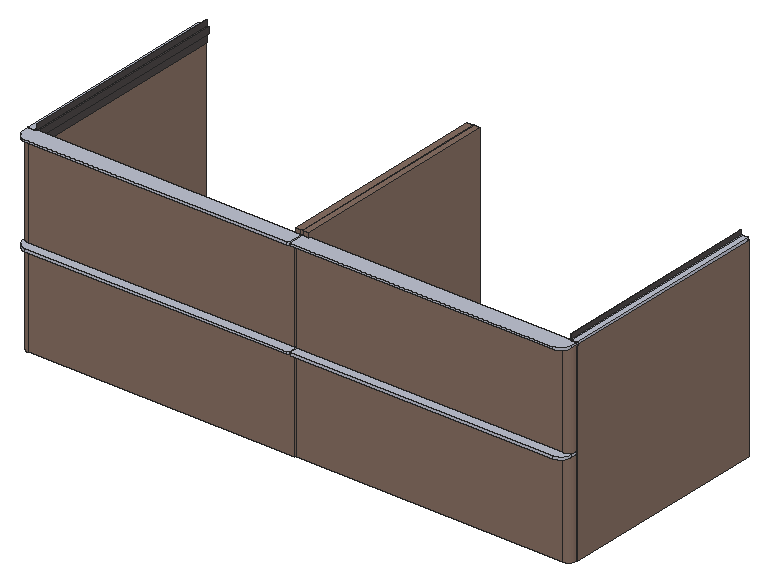
Revit family "vanity unit with 4 drawers for consoles with bowl", category Furniture, Revit 2019 (continued)
Definition of nested family "vanity unit 1560_550 with 4 drawers for consoles with bowl-54090000-high gloss white-chrome-400_content"
  Forms (mm)
    Extrusion 11, solid, visible <- "ContentVisible", detail levels medium+fine
      sketch origin (0, 0, 237) x (1, 0, 0) y (0, 1, 0)
        loop
          arc (1.5, -568) -> (2.379, -570.121) -> (4.5, -571) r 3
          line (4.5, -571) -> (753.5, -571)
          arc (753.5, -571) -> (771.178, -563.678) -> (778.5, -546) r 25
          line (778.5, -546) -> (778.5, -530) -> (758.5, -530) -> (758.5, -528.5) -> (1.5, -528.5) -> (1.5, -568)
      from 0 to 5
    Extrusion 12, solid, visible <- "ContentVisible", detail levels medium+fine
      sketch origin (0, 0, 245) x (1, 0, 0) y (0, 1, 0)
        loop
          arc (-780, -532) -> (-774.435, -545.435) -> (-761, -551) r 19
          line (-761, -551) -> (-2.5, -551)
          arc (-2.5, -551) -> (-1.793, -550.707) -> (-1.5, -550) r 1
          line (-1.5, -550) -> (-1.5, -530) -> (-780, -530) -> (-780, -532)
      from 0 to 235
    Extrusion 13, solid, visible <- "ContentVisible", detail levels medium+fine
      sketch origin (0, 0, 245) x (1, 0, 0) y (0, 1, 0)
        loop
          arc (1.5, -550) -> (1.793, -550.707) -> (2.5, -551) r 1
          line (2.5, -551) -> (761, -551)
          arc (761, -551) -> (774.435, -545.435) -> (780, -532) r 19
          line (780, -532) -> (780, -530) -> (1.5, -530) -> (1.5, -550)
      from 0 to 235
    Extrusion 14, solid, visible <- "ContentVisible", detail levels medium+fine
      sketch origin (0, 0, 480) x (1, 0, 0) y (0, 1, 0)
        loop
          line (-778.5, -530) -> (-778.5, -546)
          arc (-778.5, -546) -> (-771.178, -563.678) -> (-753.5, -571) r 25
          line (-753.5, -571) -> (-4.5, -571)
          arc (-4.5, -571) -> (-2.379, -570.121) -> (-1.5, -568) r 3
          line (-1.5, -568) -> (-1.5, -528.5) -> (-758.5, -528.5) -> (-758.5, -530) -> (-778.5, -530)
      from 0 to 5
    Extrusion 15, solid, visible <- "ContentVisible", detail levels medium+fine
      sketch origin (0, 0, 480) x (1, 0, 0) y (0, 1, 0)
        loop
          arc (1.5, -568) -> (2.379, -570.121) -> (4.5, -571) r 3
          line (4.5, -571) -> (753.5, -571)
          arc (753.5, -571) -> (771.178, -563.678) -> (778.5, -546) r 25
          line (778.5, -546) -> (778.5, -530) -> (758.5, -530) -> (758.5, -528.5) -> (1.5, -528.5) -> (1.5, -568)
      from 0 to 5
    Extrusion 16, solid, visible <- "ContentVisible", detail levels medium+fine
      sketch origin (-1.5, 0, 0) x (0, 0, -1) y (0, 1, 0)
        loop
          line (-480, -528.5) -> (-480, -530) -> (-450, -530) -> (-450, -528.5) -> (-480, -528.5)
      from -764 to 0
    Extrusion 17, solid, visible <- "ContentVisible", detail levels medium+fine
      sketch origin (1.5, 0, 0) x (0, 0, -1) y (0, 1, 0)
        loop
          line (-480, -528.5) -> (-480, -530) -> (-450, -530) -> (-450, -528.5) -> (-480, -528.5)
      from 0 to 764
    Extrusion 18, solid, visible <- "ContentVisible", detail levels medium+fine
      sketch origin (1.5, 0, 0) x (0, 0, -1) y (0, 1, 0)
        loop
          line (-242, -528.5) -> (-242, -530) -> (-212, -530) -> (-212, -528.5) -> (-242, -528.5)
      from -764 to 764
    Extrusion 19, solid, visible <- "ContentVisible", detail levels medium+fine
      sketch origin (0, 0, 0) x (1, 0, 0) y (0, 0, -1)
        loop
          line (-764, -447) -> (-764, -485) -> (-762.5, -485) -> (-762.5, -447) -> (-764, -447)
      from -528.5 to 0
    Extrusion 20, solid, visible <- "ContentVisible", detail levels medium+fine
      sketch origin (0, 0, 0) x (1, 0, 0) y (0, 0, -1)
        loop
          line (762.5, -446.8) -> (762.5, -485) -> (764, -485) -> (764, -446.8) -> (762.5, -446.8)
      from -528.5 to 0
    Extrusion 21, solid, visible <- "ContentVisible", detail levels medium+fine
      sketch origin (0, 0, 480) x (1, 0, 0) y (0, 1, 0)
        loop
          line (-780, -3) -> (-780, -527)
          arc (-780, -527) -> (-779.121, -529.121) -> (-777, -530) r 3
          line (-777, -530) -> (-764, -530) -> (-764, 0) -> (-777, 0)
          arc (-777, 0) -> (-779.121, -0.879) -> (-780, -3) r 3
      from 0 to 5
    Extrusion 22, solid, visible <- "ContentVisible", detail levels medium+fine
      sketch origin (0, 0, 480) x (1, 0, 0) y (0, 1, 0)
        loop
          line (764, 0) -> (764, -530) -> (777, -530)
          arc (777, -530) -> (779.121, -529.121) -> (780, -527) r 3
          line (780, -527) -> (780, -3)
          arc (780, -3) -> (779.121, -0.879) -> (777, 0) r 3
          line (777, 0) -> (764, 0)
      from 0 to 5
    Extrusion 23, solid, visible <- "ContentVisible", detail levels medium+fine
      sketch origin (0, 0, 0) x (1, 0, 0) y (0, 0, -1)
        loop
          line (-762.5, -447) -> (-762.5, -496) -> (-761, -496) -> (-761, -483) -> (-756.4, -483) -> (-756.4, -468.5) -> (-761, -468.5) -> (-761, -447) -> (-762.5, -447)
      from -525 to 0
    Extrusion 24, solid, visible <- "ContentVisible", detail levels medium+fine
      sketch origin (0, 0, 0) x (1, 0, 0) y (0, 0, -1)
        loop
          line (756.4, -468.5) -> (756.4, -483) -> (761, -483) -> (761, -496) -> (762.5, -496) -> (762.5, -447) -> (761, -447) -> (761, -468.5) -> (756.4, -468.5)
      from -525 to 0
    Extrusion 25, solid, visible <- "ContentVisible", detail levels coarse
      sketch origin (0, -285.5, 0) x (1, 0, 0) y (0, 1, 0)
        loop
          line (-780, -285.5) -> (780, -285.5) -> (780, 285.5) -> (-780, 285.5) -> (-780, -285.5)
      from 0 to 496
  Dimensions and locks
    aligned and locked: level to plane 2
Definition of nested family "vanity unit 1560_550 with 4 drawers for consoles with bowl-54090670-high gloss white-matt_black-200_content"
  Parameters (values of type "Vanity unit 1560_550 with 4 drawers for consoles with bowl-54090670-High Gloss White-MATT_BLACK-200_Content")
    etim7_EC011381 = "EC011381"
    WEIGHT = "61"
    UNSPSC = "56 | Furniture and Furnishings"
    UNIFORMATII = "E2010 | Fixed Furnishings"
    UNICLASS_2015_CODE = "40_30_78_05"
    UNICLASS2015 = "Pr_40_30_78_05 | Bathroom furniture"
    SURFACE = "MATT_BLACK"
    REGIONSET = "Worldwide"
    PRODUCTURL = "https://pro.hansgrohe.com/articledetail--54090000"
    PRODUCTGROUP = "vanity unit"
    PRODUCTFAMILY = "Xelu Q"
    PERMALINK = "54090XXX"
    OMNICLASS = "23-21 19 15 33 13 | Residential Bathroom Specialty Casework"
    OBJECTTYPE = "Object (single object)"
    OBERFLAECHE = "High Gloss White"
    NN = "Vanity Unit with 4 Drawers for consoles with bowl"
    NBSYN = "$BASENUMBER.-$ARTNR.-$OBERFLAECHE.-$SURFACE.-$LODLEVEL."
    NB = "Vanity unit 1560/550 with 4 drawers for consoles with bowl-54090670-High Gloss White-MATT_BLACK-200"
    NAME = "Xelu Q Vanity unit High Gloss White 1560/550 with 4 drawers for consoles with bowl"
    Model = "Vanity unit 1560/550 with 4 drawers for consoles with bowl-54090670-High Gloss White-MATT_BLACK-200"
    Manufacturer = "Hansgrohe"
    MASTERFORMAT = "12 35 30.23 | Bathroom Casework"
    LODLEVEL = "200"
    LINA = "Vanity unit 1560/550 with 4 drawers for consoles with bowl-54090670-High Gloss White-MATT_BLACK-200"
    L = 1560
    IFC = "Furnishing element"
    GTINCODE = "4059625456859"
    ETIM = "EC011381 | Bathroom furniture set"
    Default Elevation = 1219.2 mm
    DESIGN = "Germany"
    ContentVisible [instance] = yes
    CATALOG = "Hansgrohe"
    BIMOBJECT = "Sanitary: Compound units"
    BASENUMBER = "Vanity unit 1560/550 with 4 drawers for consoles with bowl"
    ARTNR = "54090670"
  Reference planes
    plane 1 "Center (Front/Back)": y = 0
    plane 2: z = 0
    plane 3 "Center (Left/Right)": x = 0
  Forms (mm)
    Extrusion 1, solid, visible <- "ContentVisible", detail levels medium+fine
      sketch origin (0, 0, 0) x (1, 0, 0) y (0, 1, 0)
        loop
          line (-780, 0) -> (-780, -551) -> (780, -551) -> (780, 0) -> (764, 0) -> (764, -117) -> (-764, -117) -> (-764, 0) -> (-780, 0)
      from 0 to 480
    Extrusion 2, solid, visible <- "ContentVisible", detail levels medium+fine
      sketch origin (0, 0, 480) x (1, 0, 0) y (0, 1, 0)
        loop
          line (-778.5, -528.5) -> (-778.5, -571) -> (778.5, -571) -> (778.5, -528.5) -> (-778.5, -528.5)
      from 0 to 5
    Extrusion 3, solid, visible <- "ContentVisible", detail levels medium+fine
      sketch origin (0, 0, 237) x (1, 0, 0) y (0, 1, 0)
        loop
          line (-778.5, -528.5) -> (-778.5, -571) -> (778.5, -571) -> (778.5, -528.5) -> (-778.5, -528.5)
      from 0 to 5
    Extrusion 4, solid, visible <- "ContentVisible", detail levels medium+fine
      sketch origin (0, 0, 0) x (1, 0, 0) y (0, 0, -1)
        loop
          line (-764, -447) -> (-764, -485) -> (-762.5, -485) -> (-762.5, -447) -> (-764, -447)
      from -528.5 to 0
    Extrusion 5, solid, visible <- "ContentVisible", detail levels medium+fine
      sketch origin (0, 0, 0) x (1, 0, 0) y (0, 0, -1)
        loop
          line (762.5, -446.8) -> (762.5, -485) -> (764, -485) -> (764, -446.8) -> (762.5, -446.8)
      from -528.5 to 0
    Extrusion 6, solid, visible <- "ContentVisible", detail levels medium+fine
      sketch origin (0, 0, 480) x (1, 0, 0) y (0, 1, 0)
        loop
          line (-780, 0) -> (-780, -530) -> (-764, -530) -> (-764, 0) -> (-780, 0)
      from 0 to 5
    Extrusion 7, solid, visible <- "ContentVisible", detail levels medium+fine
      sketch origin (0, 0, 480) x (1, 0, 0) y (0, 1, 0)
        loop
          line (764, 0) -> (764, -530) -> (780, -530) -> (780, 0) -> (764, 0)
      from 0 to 5
    Extrusion 8, solid, visible <- "ContentVisible", detail levels medium+fine
      sketch origin (0, 0, 0) x (1, 0, 0) y (0, 0, -1)
        loop
          line (-762.5, -447) -> (-762.5, -496) -> (-756.4, -496) -> (-756.4, -447) -> (-762.5, -447)
      from -528.5 to 0
    Extrusion 9, solid, visible <- "ContentVisible", detail levels medium+fine
      sketch origin (0, 0, 0) x (1, 0, 0) y (0, 0, -1)
        loop
          line (756.4, -447) -> (756.4, -496) -> (762.5, -496) -> (762.5, -447) -> (756.4, -447)
      from -528.5 to 0
    Extrusion 10, solid, visible <- "ContentVisible", detail levels coarse
      sketch origin (0, -285.5, 0) x (1, 0, 0) y (0, 1, 0)
        loop
          line (-780, -285.5) -> (780, -285.5) -> (780, 285.5) -> (-780, 285.5) -> (-780, -285.5)
      from 0 to 496
  Dimensions and locks
    aligned and locked: level to plane 2
Definition of nested family "vanity unit 1560_550 with 4 drawers for consoles with bowl-54090670-high gloss white-matt_black-400_content"
  Parameters (values of type "Vanity unit 1560_550 with 4 drawers for consoles with bowl-54090670-High Gloss White-MATT_BLACK-400_Content")
    etim7_EC011381 = "EC011381"
    WEIGHT = "61"
    UNSPSC = "56 | Furniture and Furnishings"
    UNIFORMATII = "E2010 | Fixed Furnishings"
    UNICLASS_2015_CODE = "40_30_78_05"
    UNICLASS2015 = "Pr_40_30_78_05 | Bathroom furniture"
    SURFACE = "MATT_BLACK"
    REGIONSET = "Worldwide"
    PRODUCTURL = "https://pro.hansgrohe.com/articledetail--54090000"
    PRODUCTGROUP = "vanity unit"
    PRODUCTFAMILY = "Xelu Q"
    PERMALINK = "54090XXX"
    OMNICLASS = "23-21 19 15 33 13 | Residential Bathroom Specialty Casework"
    OBJECTTYPE = "Object (single object)"
    OBERFLAECHE = "High Gloss White"
    NN = "Vanity Unit with 4 Drawers for consoles with bowl"
    NBSYN = "$BASENUMBER.-$ARTNR.-$OBERFLAECHE.-$SURFACE.-$LODLEVEL."
    NB = "Vanity unit 1560/550 with 4 drawers for consoles with bowl-54090670-High Gloss White-MATT_BLACK-400"
    NAME = "Xelu Q Vanity unit High Gloss White 1560/550 with 4 drawers for consoles with bowl"
    Model = "Vanity unit 1560/550 with 4 drawers for consoles with bowl-54090670-High Gloss White-MATT_BLACK-400"
    Manufacturer = "Hansgrohe"
    MASTERFORMAT = "12 35 30.23 | Bathroom Casework"
    LODLEVEL = "400"
    LINA = "Vanity unit 1560/550 with 4 drawers for consoles with bowl-54090670-High Gloss White-MATT_BLACK-400"
    L = 1560
    IFC = "Furnishing element"
    GTINCODE = "4059625456859"
    ETIM = "EC011381 | Bathroom furniture set"
    Default Elevation = 1219.2 mm
    DESIGN = "Germany"
    ContentVisible [instance] = yes
    CATALOG = "Hansgrohe"
    BIMOBJECT = "Sanitary: Compound units"
    BASENUMBER = "Vanity unit 1560/550 with 4 drawers for consoles with bowl"
    ARTNR = "54090670"
  Reference planes
    plane 1 "Center (Front/Back)": y = 0
    plane 2: z = 0
    plane 3 "Center (Left/Right)": x = 0
  Forms (mm)
    Extrusion 1, solid, visible <- "ContentVisible", detail levels medium+fine
      sketch origin (0, 0, 0) x (1, 0, 0) y (0, 1, 0)
        loop
          line (-780, 0) -> (-780, -527)
          arc (-780, -527) -> (-779.121, -529.121) -> (-777, -530) r 3
          line (-777, -530) -> (-764, -530) -> (-764, 0) -> (-780, 0)
      from 0 to 480
    Extrusion 2, solid, visible <- "ContentVisible", detail levels medium+fine
      sketch origin (0, 0, 0) x (1, 0, 0) y (0, 1, 0)
        loop
          line (-764, -133) -> (-764, -499.5) -> (-16, -499.5) -> (-16, -133) -> (-764, -133)
      from 0 to 16
    Extrusion 3, solid, visible <- "ContentVisible", detail levels medium+fine
      sketch origin (0, 0, 0) x (1, 0, 0) y (0, 1, 0)
        loop
          line (-16, 0) -> (-16, -530) -> (-3, -530)
          arc (-3, -530) -> (-0.879, -529.121) -> (0, -527) r 3
          line (0, -527) -> (0, 0) -> (-16, 0)
      from 0 to 496
    Extrusion 4, solid, visible <- "ContentVisible", detail levels medium+fine
      sketch origin (0, 0, 0) x (1, 0, 0) y (0, 1, 0)
        loop
          line (0, 0) -> (0, -527)
          arc (0, -527) -> (0.879, -529.121) -> (3, -530) r 3
          line (3, -530) -> (16, -530) -> (16, 0) -> (0, 0)
      from 0 to 496
    Extrusion 5, solid, visible <- "ContentVisible", detail levels medium+fine
      sketch origin (0, 0, 0) x (1, 0, 0) y (0, 1, 0)
        loop
          line (16, -499.5) -> (764, -499.5) -> (764, -133) -> (16, -133) -> (16, -499.5)
      from 0 to 16
    Extrusion 6, solid, visible <- "ContentVisible", detail levels medium+fine
      sketch origin (0, 0, 0) x (1, 0, 0) y (0, 1, 0)
        loop
          line (764, 0) -> (764, -530) -> (777, -530)
          arc (777, -530) -> (779.121, -529.121) -> (780, -527) r 3
          line (780, -527) -> (780, 0) -> (764, 0)
      from 0 to 480
    Extrusion 7, solid, visible <- "ContentVisible", detail levels medium+fine
      sketch origin (0, 0, 0) x (1, 0, 0) y (0, 1, 0)
        loop
          line (-764, -117) -> (-764, -133) -> (764, -133) -> (764, -117) -> (-764, -117)
      from 0 to 126
    Extrusion 8, solid, visible <- "ContentVisible", detail levels medium+fine
      sketch origin (0, 0, 2) x (1, 0, 0) y (0, 1, 0)
        loop
          arc (-780, -532) -> (-774.435, -545.435) -> (-761, -551) r 19
          line (-761, -551) -> (-2.5, -551)
          arc (-2.5, -551) -> (-1.793, -550.707) -> (-1.5, -550) r 1
          line (-1.5, -550) -> (-1.5, -530) -> (-780, -530) -> (-780, -532)
      from 0 to 235
    Extrusion 9, solid, visible <- "ContentVisible", detail levels medium+fine
      sketch origin (0, 0, 2) x (1, 0, 0) y (0, 1, 0)
        loop
          arc (1.5, -550) -> (1.793, -550.707) -> (2.5, -551) r 1
          line (2.5, -551) -> (761, -551)
          arc (761, -551) -> (774.435, -545.435) -> (780, -532) r 19
          line (780, -532) -> (780, -530) -> (1.5, -530) -> (1.5, -550)
      from 0 to 235
    Extrusion 10, solid, visible <- "ContentVisible", detail levels medium+fine
      sketch origin (0, 0, 237) x (1, 0, 0) y (0, 1, 0)
        loop
          line (-778.5, -530) -> (-778.5, -546)
          arc (-778.5, -546) -> (-771.178, -563.678) -> (-753.5, -571) r 25
          line (-753.5, -571) -> (-4.5, -571)
          arc (-4.5, -571) -> (-2.379, -570.121) -> (-1.5, -568) r 3
          line (-1.5, -568) -> (-1.5, -528.5) -> (-758.5, -528.5) -> (-758.5, -530) -> (-778.5, -530)
      from 0 to 5
    Extrusion 11, solid, visible <- "ContentVisible", detail levels medium+fine
      sketch origin (0, 0, 237) x (1, 0, 0) y (0, 1, 0)
        loop
          arc (1.5, -568) -> (2.379, -570.121) -> (4.5, -571) r 3
          line (4.5, -571) -> (753.5, -571)
          arc (753.5, -571) -> (771.178, -563.678) -> (778.5, -546) r 25
          line (778.5, -546) -> (778.5, -530) -> (758.5, -530) -> (758.5, -528.5) -> (1.5, -528.5) -> (1.5, -568)
      from 0 to 5
    Extrusion 12, solid, visible <- "ContentVisible", detail levels medium+fine
      sketch origin (0, 0, 245) x (1, 0, 0) y (0, 1, 0)
        loop
          arc (-780, -532) -> (-774.435, -545.435) -> (-761, -551) r 19
          line (-761, -551) -> (-2.5, -551)
          arc (-2.5, -551) -> (-1.793, -550.707) -> (-1.5, -550) r 1
          line (-1.5, -550) -> (-1.5, -530) -> (-780, -530) -> (-780, -532)
      from 0 to 235
    Extrusion 13, solid, visible <- "ContentVisible", detail levels medium+fine
      sketch origin (0, 0, 245) x (1, 0, 0) y (0, 1, 0)
        loop
          arc (1.5, -550) -> (1.793, -550.707) -> (2.5, -551) r 1
          line (2.5, -551) -> (761, -551)
          arc (761, -551) -> (774.435, -545.435) -> (780, -532) r 19
          line (780, -532) -> (780, -530) -> (1.5, -530) -> (1.5, -550)
      from 0 to 235
    Extrusion 14, solid, visible <- "ContentVisible", detail levels medium+fine
      sketch origin (0, 0, 480) x (1, 0, 0) y (0, 1, 0)
        loop
          line (-778.5, -530) -> (-778.5, -546)
          arc (-778.5, -546) -> (-771.178, -563.678) -> (-753.5, -571) r 25
          line (-753.5, -571) -> (-4.5, -571)
          arc (-4.5, -571) -> (-2.379, -570.121) -> (-1.5, -568) r 3
          line (-1.5, -568) -> (-1.5, -528.5) -> (-758.5, -528.5) -> (-758.5, -530) -> (-778.5, -530)
      from 0 to 5
    Extrusion 15, solid, visible <- "ContentVisible", detail levels medium+fine
      sketch origin (0, 0, 480) x (1, 0, 0) y (0, 1, 0)
        loop
          arc (1.5, -568) -> (2.379, -570.121) -> (4.5, -571) r 3
          line (4.5, -571) -> (753.5, -571)
          arc (753.5, -571) -> (771.178, -563.678) -> (778.5, -546) r 25
          line (778.5, -546) -> (778.5, -530) -> (758.5, -530) -> (758.5, -528.5) -> (1.5, -528.5) -> (1.5, -568)
      from 0 to 5
    Extrusion 16, solid, visible <- "ContentVisible", detail levels medium+fine
      sketch origin (-1.5, 0, 0) x (0, 0, -1) y (0, 1, 0)
        loop
          line (-480, -528.5) -> (-480, -530) -> (-450, -530) -> (-450, -528.5) -> (-480, -528.5)
      from -764 to 0
    Extrusion 17, solid, visible <- "ContentVisible", detail levels medium+fine
      sketch origin (1.5, 0, 0) x (0, 0, -1) y (0, 1, 0)
        loop
          line (-480, -528.5) -> (-480, -530) -> (-450, -530) -> (-450, -528.5) -> (-480, -528.5)
      from 0 to 764
    Extrusion 18, solid, visible <- "ContentVisible", detail levels medium+fine
      sketch origin (1.5, 0, 0) x (0, 0, -1) y (0, 1, 0)
        loop
          line (-242, -528.5) -> (-242, -530) -> (-212, -530) -> (-212, -528.5) -> (-242, -528.5)
      from -764 to 764
    Extrusion 19, solid, visible <- "ContentVisible", detail levels medium+fine
      sketch origin (0, 0, 0) x (1, 0, 0) y (0, 0, -1)
        loop
          line (-764, -447) -> (-764, -485) -> (-762.5, -485) -> (-762.5, -447) -> (-764, -447)
      from -528.5 to 0
    Extrusion 20, solid, visible <- "ContentVisible", detail levels medium+fine
      sketch origin (0, 0, 0) x (1, 0, 0) y (0, 0, -1)
        loop
          line (762.5, -446.8) -> (762.5, -485) -> (764, -485) -> (764, -446.8) -> (762.5, -446.8)
      from -528.5 to 0
    Extrusion 21, solid, visible <- "ContentVisible", detail levels medium+fine
      sketch origin (0, 0, 480) x (1, 0, 0) y (0, 1, 0)
        loop
          line (-780, -3) -> (-780, -527)
          arc (-780, -527) -> (-779.121, -529.121) -> (-777, -530) r 3
          line (-777, -530) -> (-764, -530) -> (-764, 0) -> (-777, 0)
          arc (-777, 0) -> (-779.121, -0.879) -> (-780, -3) r 3
      from 0 to 5
    Extrusion 22, solid, visible <- "ContentVisible", detail levels medium+fine
      sketch origin (0, 0, 480) x (1, 0, 0) y (0, 1, 0)
        loop
          line (764, 0) -> (764, -530) -> (777, -530)
          arc (777, -530) -> (779.121, -529.121) -> (780, -527) r 3
          line (780, -527) -> (780, -3)
          arc (780, -3) -> (779.121, -0.879) -> (777, 0) r 3
          line (777, 0) -> (764, 0)
      from 0 to 5
    Extrusion 23, solid, visible <- "ContentVisible", detail levels medium+fine
      sketch origin (0, 0, 0) x (1, 0, 0) y (0, 0, -1)
        loop
          line (-762.5, -447) -> (-762.5, -496) -> (-761, -496) -> (-761, -483) -> (-756.4, -483) -> (-756.4, -468.5) -> (-761, -468.5) -> (-761, -447) -> (-762.5, -447)
      from -525 to 0
    Extrusion 24, solid, visible <- "ContentVisible", detail levels medium+fine
      sketch origin (0, 0, 0) x (1, 0, 0) y (0, 0, -1)
        loop
          line (756.4, -468.5) -> (756.4, -483) -> (761, -483) -> (761, -496) -> (762.5, -496) -> (762.5, -447) -> (761, -447) -> (761, -468.5) -> (756.4, -468.5)
      from -525 to 0
    Extrusion 25, solid, visible <- "ContentVisible", detail levels coarse
      sketch origin (0, -285.5, 0) x (1, 0, 0) y (0, 1, 0)
        loop
          line (-780, -285.5) -> (780, -285.5) -> (780, 285.5) -> (-780, 285.5) -> (-780, -285.5)
      from 0 to 496
  Dimensions and locks
    aligned and locked: level to plane 2
Definition of nested family "vanity unit 1560_550 with 4 drawers for consoles with bowl-54090700-high gloss white-matt_white-200_content"
  Parameters (values of type "Vanity unit 1560_550 with 4 drawers for consoles with bowl-54090700-High Gloss White-MATT_WHITE-200_Content")
    etim7_EC011381 = "EC011381"
    WEIGHT = "61"
    UNSPSC = "56 | Furniture and Furnishings"
    UNIFORMATII = "E2010 | Fixed Furnishings"
    UNICLASS_2015_CODE = "40_30_78_05"
    UNICLASS2015 = "Pr_40_30_78_05 | Bathroom furniture"
    SURFACE = "MATT_WHITE"
    REGIONSET = "Worldwide"
    PRODUCTURL = "https://pro.hansgrohe.com/articledetail--54090000"
    PRODUCTGROUP = "vanity unit"
    PRODUCTFAMILY = "Xelu Q"
    PERMALINK = "54090XXX"
    OMNICLASS = "23-21 19 15 33 13 | Residential Bathroom Specialty Casework"
    OBJECTTYPE = "Object (single object)"
    OBERFLAECHE = "High Gloss White"
    NN = "Vanity Unit with 4 Drawers for consoles with bowl"
    NBSYN = "$BASENUMBER.-$ARTNR.-$OBERFLAECHE.-$SURFACE.-$LODLEVEL."
    NB = "Vanity unit 1560/550 with 4 drawers for consoles with bowl-54090700-High Gloss White-MATT_WHITE-200"
    NAME = "Xelu Q Vanity unit High Gloss White 1560/550 with 4 drawers for consoles with bowl"
    Model = "Vanity unit 1560/550 with 4 drawers for consoles with bowl-54090700-High Gloss White-MATT_WHITE-200"
    Manufacturer = "Hansgrohe"
    MASTERFORMAT = "12 35 30.23 | Bathroom Casework"
    LODLEVEL = "200"
    LINA = "Vanity unit 1560/550 with 4 drawers for consoles with bowl-54090700-High Gloss White-MATT_WHITE-200"
    L = 1560
    IFC = "Furnishing element"
    GTINCODE = "4059625456859"
    ETIM = "EC011381 | Bathroom furniture set"
    Default Elevation = 1219.2 mm
    DESIGN = "Germany"
    ContentVisible [instance] = yes
    CATALOG = "Hansgrohe"
    BIMOBJECT = "Sanitary: Compound units"
    BASENUMBER = "Vanity unit 1560/550 with 4 drawers for consoles with bowl"
    ARTNR = "54090700"
  Reference planes
    plane 1 "Center (Front/Back)": y = 0
    plane 2: z = 0
    plane 3 "Center (Left/Right)": x = 0
  Forms (mm)
    Extrusion 1, solid, visible <- "ContentVisible", detail levels medium+fine
      sketch origin (0, 0, 0) x (1, 0, 0) y (0, 1, 0)
        loop
          line (-780, 0) -> (-780, -551) -> (780, -551) -> (780, 0) -> (764, 0) -> (764, -117) -> (-764, -117) -> (-764, 0) -> (-780, 0)
      from 0 to 480
    Extrusion 2, solid, visible <- "ContentVisible", detail levels medium+fine
      sketch origin (0, 0, 480) x (1, 0, 0) y (0, 1, 0)
        loop
          line (-778.5, -528.5) -> (-778.5, -571) -> (778.5, -571) -> (778.5, -528.5) -> (-778.5, -528.5)
      from 0 to 5
    Extrusion 3, solid, visible <- "ContentVisible", detail levels medium+fine
      sketch origin (0, 0, 237) x (1, 0, 0) y (0, 1, 0)
        loop
          line (-778.5, -528.5) -> (-778.5, -571) -> (778.5, -571) -> (778.5, -528.5) -> (-778.5, -528.5)
      from 0 to 5
    Extrusion 4, solid, visible <- "ContentVisible", detail levels medium+fine
      sketch origin (0, 0, 0) x (1, 0, 0) y (0, 0, -1)
        loop
          line (-764, -447) -> (-764, -485) -> (-762.5, -485) -> (-762.5, -447) -> (-764, -447)
      from -528.5 to 0
    Extrusion 5, solid, visible <- "ContentVisible", detail levels medium+fine
      sketch origin (0, 0, 0) x (1, 0, 0) y (0, 0, -1)
        loop
          line (762.5, -446.8) -> (762.5, -485) -> (764, -485) -> (764, -446.8) -> (762.5, -446.8)
      from -528.5 to 0
    Extrusion 6, solid, visible <- "ContentVisible", detail levels medium+fine
      sketch origin (0, 0, 480) x (1, 0, 0) y (0, 1, 0)
        loop
          line (-780, 0) -> (-780, -530) -> (-764, -530) -> (-764, 0) -> (-780, 0)
      from 0 to 5
    Extrusion 7, solid, visible <- "ContentVisible", detail levels medium+fine
      sketch origin (0, 0, 480) x (1, 0, 0) y (0, 1, 0)
        loop
          line (764, 0) -> (764, -530) -> (780, -530) -> (780, 0) -> (764, 0)
      from 0 to 5
    Extrusion 8, solid, visible <- "ContentVisible", detail levels medium+fine
      sketch origin (0, 0, 0) x (1, 0, 0) y (0, 0, -1)
        loop
          line (-762.5, -447) -> (-762.5, -496) -> (-756.4, -496) -> (-756.4, -447) -> (-762.5, -447)
      from -528.5 to 0
    Extrusion 9, solid, visible <- "ContentVisible", detail levels medium+fine
      sketch origin (0, 0, 0) x (1, 0, 0) y (0, 0, -1)
        loop
          line (756.4, -447) -> (756.4, -496) -> (762.5, -496) -> (762.5, -447) -> (756.4, -447)
      from -528.5 to 0
    Extrusion 10, solid, visible <- "ContentVisible", detail levels coarse
      sketch origin (0, -285.5, 0) x (1, 0, 0) y (0, 1, 0)
        loop
          line (-780, -285.5) -> (780, -285.5) -> (780, 285.5) -> (-780, 285.5) -> (-780, -285.5)
      from 0 to 496
  Dimensions and locks
    aligned and locked: level to plane 2
Definition of nested family "vanity unit 1560_550 with 4 drawers for consoles with bowl-54090700-high gloss white-matt_white-400_content"
  Parameters (values of type "Vanity unit 1560_550 with 4 drawers for consoles with bowl-54090700-High Gloss White-MATT_WHITE-400_Content")
    etim7_EC011381 = "EC011381"
    WEIGHT = "61"
    UNSPSC = "56 | Furniture and Furnishings"
    UNIFORMATII = "E2010 | Fixed Furnishings"
    UNICLASS_2015_CODE = "40_30_78_05"
    UNICLASS2015 = "Pr_40_30_78_05 | Bathroom furniture"
    SURFACE = "MATT_WHITE"
    REGIONSET = "Worldwide"
    PRODUCTURL = "https://pro.hansgrohe.com/articledetail--54090000"
    PRODUCTGROUP = "vanity unit"
    PRODUCTFAMILY = "Xelu Q"
    PERMALINK = "54090XXX"
    OMNICLASS = "23-21 19 15 33 13 | Residential Bathroom Specialty Casework"
    OBJECTTYPE = "Object (single object)"
    OBERFLAECHE = "High Gloss White"
    NN = "Vanity Unit with 4 Drawers for consoles with bowl"
    NBSYN = "$BASENUMBER.-$ARTNR.-$OBERFLAECHE.-$SURFACE.-$LODLEVEL."
    NB = "Vanity unit 1560/550 with 4 drawers for consoles with bowl-54090700-High Gloss White-MATT_WHITE-400"
    NAME = "Xelu Q Vanity unit High Gloss White 1560/550 with 4 drawers for consoles with bowl"
    Model = "Vanity unit 1560/550 with 4 drawers for consoles with bowl-54090700-High Gloss White-MATT_WHITE-400"
    Manufacturer = "Hansgrohe"
    MASTERFORMAT = "12 35 30.23 | Bathroom Casework"
    LODLEVEL = "400"
    LINA = "Vanity unit 1560/550 with 4 drawers for consoles with bowl-54090700-High Gloss White-MATT_WHITE-400"
    L = 1560
    IFC = "Furnishing element"
    GTINCODE = "4059625456859"
    ETIM = "EC011381 | Bathroom furniture set"
    Default Elevation = 1219.2 mm
    DESIGN = "Germany"
    ContentVisible [instance] = yes
    CATALOG = "Hansgrohe"
    BIMOBJECT = "Sanitary: Compound units"
    BASENUMBER = "Vanity unit 1560/550 with 4 drawers for consoles with bowl"
    ARTNR = "54090700"
  Reference planes
    plane 1 "Center (Front/Back)": y = 0
    plane 2: z = 0
    plane 3 "Center (Left/Right)": x = 0
  Forms (mm)
    Extrusion 1, solid, visible <- "ContentVisible", detail levels medium+fine
      sketch origin (0, 0, 0) x (1, 0, 0) y (0, 1, 0)
        loop
          line (-780, 0) -> (-780, -527)
          arc (-780, -527) -> (-779.121, -529.121) -> (-777, -530) r 3
          line (-777, -530) -> (-764, -530) -> (-764, 0) -> (-780, 0)
      from 0 to 480
    Extrusion 2, solid, visible <- "ContentVisible", detail levels medium+fine
      sketch origin (0, 0, 0) x (1, 0, 0) y (0, 1, 0)
        loop
          line (-764, -133) -> (-764, -499.5) -> (-16, -499.5) -> (-16, -133) -> (-764, -133)
      from 0 to 16
    Extrusion 3, solid, visible <- "ContentVisible", detail levels medium+fine
      sketch origin (0, 0, 0) x (1, 0, 0) y (0, 1, 0)
        loop
          line (-16, 0) -> (-16, -530) -> (-3, -530)
          arc (-3, -530) -> (-0.879, -529.121) -> (0, -527) r 3
          line (0, -527) -> (0, 0) -> (-16, 0)
      from 0 to 496
    Extrusion 4, solid, visible <- "ContentVisible", detail levels medium+fine
      sketch origin (0, 0, 0) x (1, 0, 0) y (0, 1, 0)
        loop
          line (0, 0) -> (0, -527)
          arc (0, -527) -> (0.879, -529.121) -> (3, -530) r 3
          line (3, -530) -> (16, -530) -> (16, 0) -> (0, 0)
      from 0 to 496
    Extrusion 5, solid, visible <- "ContentVisible", detail levels medium+fine
      sketch origin (0, 0, 0) x (1, 0, 0) y (0, 1, 0)
        loop
          line (16, -499.5) -> (764, -499.5) -> (764, -133) -> (16, -133) -> (16, -499.5)
      from 0 to 16
    Extrusion 6, solid, visible <- "ContentVisible", detail levels medium+fine
      sketch origin (0, 0, 0) x (1, 0, 0) y (0, 1, 0)
        loop
          line (764, 0) -> (764, -530) -> (777, -530)
          arc (777, -530) -> (779.121, -529.121) -> (780, -527) r 3
          line (780, -527) -> (780, 0) -> (764, 0)
      from 0 to 480
    Extrusion 7, solid, visible <- "ContentVisible", detail levels medium+fine
      sketch origin (0, 0, 0) x (1, 0, 0) y (0, 1, 0)
        loop
          line (-764, -117) -> (-764, -133) -> (764, -133) -> (764, -117) -> (-764, -117)
      from 0 to 126
    Extrusion 8, solid, visible <- "ContentVisible", detail levels medium+fine
      sketch origin (0, 0, 2) x (1, 0, 0) y (0, 1, 0)
        loop
          arc (-780, -532) -> (-774.435, -545.435) -> (-761, -551) r 19
          line (-761, -551) -> (-2.5, -551)
          arc (-2.5, -551) -> (-1.793, -550.707) -> (-1.5, -550) r 1
          line (-1.5, -550) -> (-1.5, -530) -> (-780, -530) -> (-780, -532)
      from 0 to 235
    Extrusion 9, solid, visible <- "ContentVisible", detail levels medium+fine
      sketch origin (0, 0, 2) x (1, 0, 0) y (0, 1, 0)
        loop
          arc (1.5, -550) -> (1.793, -550.707) -> (2.5, -551) r 1
          line (2.5, -551) -> (761, -551)
          arc (761, -551) -> (774.435, -545.435) -> (780, -532) r 19
          line (780, -532) -> (780, -530) -> (1.5, -530) -> (1.5, -550)
      from 0 to 235
    Extrusion 10, solid, visible <- "ContentVisible", detail levels medium+fine
      sketch origin (0, 0, 237) x (1, 0, 0) y (0, 1, 0)
        loop
          line (-778.5, -530) -> (-778.5, -546)
          arc (-778.5, -546) -> (-771.178, -563.678) -> (-753.5, -571) r 25
          line (-753.5, -571) -> (-4.5, -571)
          arc (-4.5, -571) -> (-2.379, -570.121) -> (-1.5, -568) r 3
          line (-1.5, -568) -> (-1.5, -528.5) -> (-758.5, -528.5) -> (-758.5, -530) -> (-778.5, -530)
      from 0 to 5
    Extrusion 11, solid, visible <- "ContentVisible", detail levels medium+fine
      sketch origin (0, 0, 237) x (1, 0, 0) y (0, 1, 0)
        loop
          arc (1.5, -568) -> (2.379, -570.121) -> (4.5, -571) r 3
          line (4.5, -571) -> (753.5, -571)
          arc (753.5, -571) -> (771.178, -563.678) -> (778.5, -546) r 25
          line (778.5, -546) -> (778.5, -530) -> (758.5, -530) -> (758.5, -528.5) -> (1.5, -528.5) -> (1.5, -568)
      from 0 to 5
    Extrusion 12, solid, visible <- "ContentVisible", detail levels medium+fine
      sketch origin (0, 0, 245) x (1, 0, 0) y (0, 1, 0)
        loop
          arc (-780, -532) -> (-774.435, -545.435) -> (-761, -551) r 19
          line (-761, -551) -> (-2.5, -551)
          arc (-2.5, -551) -> (-1.793, -550.707) -> (-1.5, -550) r 1
          line (-1.5, -550) -> (-1.5, -530) -> (-780, -530) -> (-780, -532)
      from 0 to 235
    Extrusion 13, solid, visible <- "ContentVisible", detail levels medium+fine
      sketch origin (0, 0, 245) x (1, 0, 0) y (0, 1, 0)
        loop
          arc (1.5, -550) -> (1.793, -550.707) -> (2.5, -551) r 1
          line (2.5, -551) -> (761, -551)
          arc (761, -551) -> (774.435, -545.435) -> (780, -532) r 19
          line (780, -532) -> (780, -530) -> (1.5, -530) -> (1.5, -550)
      from 0 to 235
    Extrusion 14, solid, visible <- "ContentVisible", detail levels medium+fine
      sketch origin (0, 0, 480) x (1, 0, 0) y (0, 1, 0)
        loop
          line (-778.5, -530) -> (-778.5, -546)
          arc (-778.5, -546) -> (-771.178, -563.678) -> (-753.5, -571) r 25
          line (-753.5, -571) -> (-4.5, -571)
          arc (-4.5, -571) -> (-2.379, -570.121) -> (-1.5, -568) r 3
          line (-1.5, -568) -> (-1.5, -528.5) -> (-758.5, -528.5) -> (-758.5, -530) -> (-778.5, -530)
      from 0 to 5
    Extrusion 15, solid, visible <- "ContentVisible", detail levels medium+fine
      sketch origin (0, 0, 480) x (1, 0, 0) y (0, 1, 0)
        loop
          arc (1.5, -568) -> (2.379, -570.121) -> (4.5, -571) r 3
          line (4.5, -571) -> (753.5, -571)
          arc (753.5, -571) -> (771.178, -563.678) -> (778.5, -546) r 25
          line (778.5, -546) -> (778.5, -530) -> (758.5, -530) -> (758.5, -528.5) -> (1.5, -528.5) -> (1.5, -568)
      from 0 to 5
    Extrusion 16, solid, visible <- "ContentVisible", detail levels medium+fine
      sketch origin (-1.5, 0, 0) x (0, 0, -1) y (0, 1, 0)
        loop
          line (-480, -528.5) -> (-480, -530) -> (-450, -530) -> (-450, -528.5) -> (-480, -528.5)
      from -764 to 0
    Extrusion 17, solid, visible <- "ContentVisible", detail levels medium+fine
      sketch origin (1.5, 0, 0) x (0, 0, -1) y (0, 1, 0)
        loop
          line (-480, -528.5) -> (-480, -530) -> (-450, -530) -> (-450, -528.5) -> (-480, -528.5)
      from 0 to 764
    Extrusion 18, solid, visible <- "ContentVisible", detail levels medium+fine
      sketch origin (1.5, 0, 0) x (0, 0, -1) y (0, 1, 0)
        loop
          line (-242, -528.5) -> (-242, -530) -> (-212, -530) -> (-212, -528.5) -> (-242, -528.5)
      from -764 to 764
    Extrusion 19, solid, visible <- "ContentVisible", detail levels medium+fine
      sketch origin (0, 0, 0) x (1, 0, 0) y (0, 0, -1)
        loop
          line (-764, -447) -> (-764, -485) -> (-762.5, -485) -> (-762.5, -447) -> (-764, -447)
      from -528.5 to 0
    Extrusion 20, solid, visible <- "ContentVisible", detail levels medium+fine
      sketch origin (0, 0, 0) x (1, 0, 0) y (0, 0, -1)
        loop
          line (762.5, -446.8) -> (762.5, -485) -> (764, -485) -> (764, -446.8) -> (762.5, -446.8)
      from -528.5 to 0
    Extrusion 21, solid, visible <- "ContentVisible", detail levels medium+fine
      sketch origin (0, 0, 480) x (1, 0, 0) y (0, 1, 0)
        loop
          line (-780, -3) -> (-780, -527)
          arc (-780, -527) -> (-779.121, -529.121) -> (-777, -530) r 3
          line (-777, -530) -> (-764, -530) -> (-764, 0) -> (-777, 0)
          arc (-777, 0) -> (-779.121, -0.879) -> (-780, -3) r 3
      from 0 to 5
    Extrusion 22, solid, visible <- "ContentVisible", detail levels medium+fine
      sketch origin (0, 0, 480) x (1, 0, 0) y (0, 1, 0)
        loop
          line (764, 0) -> (764, -530) -> (777, -530)
          arc (777, -530) -> (779.121, -529.121) -> (780, -527) r 3
          line (780, -527) -> (780, -3)
          arc (780, -3) -> (779.121, -0.879) -> (777, 0) r 3
          line (777, 0) -> (764, 0)
      from 0 to 5
    Extrusion 23, solid, visible <- "ContentVisible", detail levels medium+fine
      sketch origin (0, 0, 0) x (1, 0, 0) y (0, 0, -1)
        loop
          line (-762.5, -447) -> (-762.5, -496) -> (-761, -496) -> (-761, -483) -> (-756.4, -483) -> (-756.4, -468.5) -> (-761, -468.5) -> (-761, -447) -> (-762.5, -447)
      from -525 to 0
    Extrusion 24, solid, visible <- "ContentVisible", detail levels medium+fine
      sketch origin (0, 0, 0) x (1, 0, 0) y (0, 0, -1)
        loop
          line (756.4, -468.5) -> (756.4, -483) -> (761, -483) -> (761, -496) -> (762.5, -496) -> (762.5, -447) -> (761, -447) -> (761, -468.5) -> (756.4, -468.5)
      from -525 to 0
    Extrusion 25, solid, visible <- "ContentVisible", detail levels coarse
      sketch origin (0, -285.5, 0) x (1, 0, 0) y (0, 1, 0)
        loop
          line (-780, -285.5) -> (780, -285.5) -> (780, 285.5) -> (-780, 285.5) -> (-780, -285.5)
      from 0 to 496
  Dimensions and locks
    aligned and locked: level to plane 2
Definition of nested family "vanity unit 1560_550 with 4 drawers for consoles with bowl-54091000-diamond matt grey-chrome-200_content"
  Parameters (values of type "Vanity unit 1560_550 with 4 drawers for consoles with bowl-54091000-Diamond Matt Grey-CHROME-200_Content")
    etim7_EC011381 = "EC011381"
    WEIGHT = "61"
    UNSPSC = "56 | Furniture and Furnishings"
    UNIFORMATII = "E2010 | Fixed Furnishings"
    UNICLASS_2015_CODE = "40_30_78_05"
    UNICLASS2015 = "Pr_40_30_78_05 | Bathroom furniture"
    SURFACE = "CHROME"
    REGIONSET = "Worldwide"
    PRODUCTURL = "https://pro.hansgrohe.com/articledetail--54091000"
    PRODUCTGROUP = "vanity unit"
    PRODUCTFAMILY = "Xelu Q"
    PERMALINK = "54091XXX"
    OMNICLASS = "23-21 19 15 33 13 | Residential Bathroom Specialty Casework"
    OBJECTTYPE = "Object (single object)"
    OBERFLAECHE = "Diamond Matt Grey"
    NN = "Vanity Unit with 4 Drawers for consoles with bowl"
    NBSYN = "$BASENUMBER.-$ARTNR.-$OBERFLAECHE.-$SURFACE.-$LODLEVEL."
    NB = "Vanity unit 1560/550 with 4 drawers for consoles with bowl-54091000-Diamond Matt Grey-CHROME-200"
    NAME = "Xelu Q Vanity unit Diamond Matt Grey 1560/550 with 4 drawers for consoles with bowl"
    Model = "Vanity unit 1560/550 with 4 drawers for consoles with bowl-54091000-Diamond Matt Grey-CHROME-200"
    Manufacturer = "Hansgrohe"
    MASTERFORMAT = "12 35 30.23 | Bathroom Casework"
    LODLEVEL = "200"
    LINA = "Vanity unit 1560/550 with 4 drawers for consoles with bowl-54091000-Diamond Matt Grey-CHROME-200"
    L = 1560
    IFC = "Furnishing element"
    GTINCODE = "4059625457221"
    ETIM = "EC011381 | Bathroom furniture set"
    Default Elevation = 1219.2 mm
    DESIGN = "Germany"
    ContentVisible [instance] = yes
    CATALOG = "Hansgrohe"
    BIMOBJECT = "Sanitary: Compound units"
    BASENUMBER = "Vanity unit 1560/550 with 4 drawers for consoles with bowl"
    ARTNR = "54091000"
  Reference planes
    plane 1 "Center (Front/Back)": y = 0
    plane 2: z = 0
    plane 3 "Center (Left/Right)": x = 0
  Forms (mm)
    Extrusion 1, solid, visible <- "ContentVisible", detail levels medium+fine
      sketch origin (0, 0, 0) x (1, 0, 0) y (0, 1, 0)
        loop
          line (-780, 0) -> (-780, -551) -> (780, -551) -> (780, 0) -> (764, 0) -> (764, -117) -> (-764, -117) -> (-764, 0) -> (-780, 0)
      from 0 to 480
    Extrusion 2, solid, visible <- "ContentVisible", detail levels medium+fine
      sketch origin (0, 0, 480) x (1, 0, 0) y (0, 1, 0)
        loop
          line (-778.5, -528.5) -> (-778.5, -571) -> (778.5, -571) -> (778.5, -528.5) -> (-778.5, -528.5)
      from 0 to 5
    Extrusion 3, solid, visible <- "ContentVisible", detail levels medium+fine
      sketch origin (0, 0, 237) x (1, 0, 0) y (0, 1, 0)
        loop
          line (-778.5, -528.5) -> (-778.5, -571) -> (778.5, -571) -> (778.5, -528.5) -> (-778.5, -528.5)
      from 0 to 5
    Extrusion 4, solid, visible <- "ContentVisible", detail levels medium+fine
      sketch origin (0, 0, 0) x (1, 0, 0) y (0, 0, -1)
        loop
          line (-764, -447) -> (-764, -485) -> (-762.5, -485) -> (-762.5, -447) -> (-764, -447)
      from -528.5 to 0
    Extrusion 5, solid, visible <- "ContentVisible", detail levels medium+fine
      sketch origin (0, 0, 0) x (1, 0, 0) y (0, 0, -1)
        loop
          line (762.5, -446.8) -> (762.5, -485) -> (764, -485) -> (764, -446.8) -> (762.5, -446.8)
      from -528.5 to 0
    Extrusion 6, solid, visible <- "ContentVisible", detail levels medium+fine
      sketch origin (0, 0, 480) x (1, 0, 0) y (0, 1, 0)
        loop
          line (-780, 0) -> (-780, -530) -> (-764, -530) -> (-764, 0) -> (-780, 0)
      from 0 to 5
    Extrusion 7, solid, visible <- "ContentVisible", detail levels medium+fine
      sketch origin (0, 0, 480) x (1, 0, 0) y (0, 1, 0)
        loop
          line (764, 0) -> (764, -530) -> (780, -530) -> (780, 0) -> (764, 0)
      from 0 to 5
    Extrusion 8, solid, visible <- "ContentVisible", detail levels medium+fine
      sketch origin (0, 0, 0) x (1, 0, 0) y (0, 0, -1)
        loop
          line (-762.5, -447) -> (-762.5, -496) -> (-756.4, -496) -> (-756.4, -447) -> (-762.5, -447)
      from -528.5 to 0
    Extrusion 9, solid, visible <- "ContentVisible", detail levels medium+fine
      sketch origin (0, 0, 0) x (1, 0, 0) y (0, 0, -1)
        loop
          line (756.4, -447) -> (756.4, -496) -> (762.5, -496) -> (762.5, -447) -> (756.4, -447)
      from -528.5 to 0
    Extrusion 10, solid, visible <- "ContentVisible", detail levels coarse
      sketch origin (0, -285.5, 0) x (1, 0, 0) y (0, 1, 0)
        loop
          line (-780, -285.5) -> (780, -285.5) -> (780, 285.5) -> (-780, 285.5) -> (-780, -285.5)
      from 0 to 496
  Dimensions and locks
    aligned and locked: level to plane 2
Definition of nested family "vanity unit 1560_550 with 4 drawers for consoles with bowl-54091000-diamond matt grey-chrome-400_content"
  Parameters (values of type "Vanity unit 1560_550 with 4 drawers for consoles with bowl-54091000-Diamond Matt Grey-CHROME-400_Content")
    etim7_EC011381 = "EC011381"
    WEIGHT = "61"
    UNSPSC = "56 | Furniture and Furnishings"
    UNIFORMATII = "E2010 | Fixed Furnishings"
    UNICLASS_2015_CODE = "40_30_78_05"
    UNICLASS2015 = "Pr_40_30_78_05 | Bathroom furniture"
    SURFACE = "CHROME"
    REGIONSET = "Worldwide"
    PRODUCTURL = "https://pro.hansgrohe.com/articledetail--54091000"
    PRODUCTGROUP = "vanity unit"
    PRODUCTFAMILY = "Xelu Q"
    PERMALINK = "54091XXX"
    OMNICLASS = "23-21 19 15 33 13 | Residential Bathroom Specialty Casework"
    OBJECTTYPE = "Object (single object)"
    OBERFLAECHE = "Diamond Matt Grey"
    NN = "Vanity Unit with 4 Drawers for consoles with bowl"
    NBSYN = "$BASENUMBER.-$ARTNR.-$OBERFLAECHE.-$SURFACE.-$LODLEVEL."
    NB = "Vanity unit 1560/550 with 4 drawers for consoles with bowl-54091000-Diamond Matt Grey-CHROME-400"
    NAME = "Xelu Q Vanity unit Diamond Matt Grey 1560/550 with 4 drawers for consoles with bowl"
    Model = "Vanity unit 1560/550 with 4 drawers for consoles with bowl-54091000-Diamond Matt Grey-CHROME-400"
    Manufacturer = "Hansgrohe"
    MASTERFORMAT = "12 35 30.23 | Bathroom Casework"
    LODLEVEL = "400"
    LINA = "Vanity unit 1560/550 with 4 drawers for consoles with bowl-54091000-Diamond Matt Grey-CHROME-400"
    L = 1560
    IFC = "Furnishing element"
    GTINCODE = "4059625457221"
    ETIM = "EC011381 | Bathroom furniture set"
    Default Elevation = 1219.2 mm
    DESIGN = "Germany"
    ContentVisible [instance] = yes
    CATALOG = "Hansgrohe"
    BIMOBJECT = "Sanitary: Compound units"
    BASENUMBER = "Vanity unit 1560/550 with 4 drawers for consoles with bowl"
    ARTNR = "54091000"
  Reference planes
    plane 1 "Center (Front/Back)": y = 0
    plane 2: z = 0
    plane 3 "Center (Left/Right)": x = 0
  Forms (mm)
    Extrusion 1, solid, visible <- "ContentVisible", detail levels medium+fine
      sketch origin (0, 0, 0) x (1, 0, 0) y (0, 1, 0)
        loop
          line (-780, 0) -> (-780, -527)
          arc (-780, -527) -> (-779.121, -529.121) -> (-777, -530) r 3
          line (-777, -530) -> (-764, -530) -> (-764, 0) -> (-780, 0)
      from 0 to 480
    Extrusion 2, solid, visible <- "ContentVisible", detail levels medium+fine
      sketch origin (0, 0, 0) x (1, 0, 0) y (0, 1, 0)
        loop
          line (-764, -133) -> (-764, -499.5) -> (-16, -499.5) -> (-16, -133) -> (-764, -133)
      from 0 to 16
    Extrusion 3, solid, visible <- "ContentVisible", detail levels medium+fine
      sketch origin (0, 0, 0) x (1, 0, 0) y (0, 1, 0)
        loop
          line (-16, 0) -> (-16, -530) -> (-3, -530)
          arc (-3, -530) -> (-0.879, -529.121) -> (0, -527) r 3
          line (0, -527) -> (0, 0) -> (-16, 0)
      from 0 to 496
    Extrusion 4, solid, visible <- "ContentVisible", detail levels medium+fine
      sketch origin (0, 0, 0) x (1, 0, 0) y (0, 1, 0)
        loop
          line (0, 0) -> (0, -527)
          arc (0, -527) -> (0.879, -529.121) -> (3, -530) r 3
          line (3, -530) -> (16, -530) -> (16, 0) -> (0, 0)
      from 0 to 496
    Extrusion 5, solid, visible <- "ContentVisible", detail levels medium+fine
      sketch origin (0, 0, 0) x (1, 0, 0) y (0, 1, 0)
        loop
          line (16, -499.5) -> (764, -499.5) -> (764, -133) -> (16, -133) -> (16, -499.5)
      from 0 to 16
    Extrusion 6, solid, visible <- "ContentVisible", detail levels medium+fine
      sketch origin (0, 0, 0) x (1, 0, 0) y (0, 1, 0)
        loop
          line (764, 0) -> (764, -530) -> (777, -530)
          arc (777, -530) -> (779.121, -529.121) -> (780, -527) r 3
          line (780, -527) -> (780, 0) -> (764, 0)
      from 0 to 480
    Extrusion 7, solid, visible <- "ContentVisible", detail levels medium+fine
      sketch origin (0, 0, 0) x (1, 0, 0) y (0, 1, 0)
        loop
          line (-764, -117) -> (-764, -133) -> (764, -133) -> (764, -117) -> (-764, -117)
      from 0 to 126
    Extrusion 8, solid, visible <- "ContentVisible", detail levels medium+fine
      sketch origin (0, 0, 2) x (1, 0, 0) y (0, 1, 0)
        loop
          arc (-780, -532) -> (-774.435, -545.435) -> (-761, -551) r 19
          line (-761, -551) -> (-2.5, -551)
          arc (-2.5, -551) -> (-1.793, -550.707) -> (-1.5, -550) r 1
          line (-1.5, -550) -> (-1.5, -530) -> (-780, -530) -> (-780, -532)
      from 0 to 235
    Extrusion 9, solid, visible <- "ContentVisible", detail levels medium+fine
      sketch origin (0, 0, 2) x (1, 0, 0) y (0, 1, 0)
        loop
          arc (1.5, -550) -> (1.793, -550.707) -> (2.5, -551) r 1
          line (2.5, -551) -> (761, -551)
          arc (761, -551) -> (774.435, -545.435) -> (780, -532) r 19
          line (780, -532) -> (780, -530) -> (1.5, -530) -> (1.5, -550)
      from 0 to 235
    Extrusion 10, solid, visible <- "ContentVisible", detail levels medium+fine
      sketch origin (0, 0, 237) x (1, 0, 0) y (0, 1, 0)
        loop
          line (-778.5, -530) -> (-778.5, -546)
          arc (-778.5, -546) -> (-771.178, -563.678) -> (-753.5, -571) r 25
          line (-753.5, -571) -> (-4.5, -571)
          arc (-4.5, -571) -> (-2.379, -570.121) -> (-1.5, -568) r 3
          line (-1.5, -568) -> (-1.5, -528.5) -> (-758.5, -528.5) -> (-758.5, -530) -> (-778.5, -530)
      from 0 to 5
    Extrusion 11, solid, visible <- "ContentVisible", detail levels medium+fine
      sketch origin (0, 0, 237) x (1, 0, 0) y (0, 1, 0)
        loop
          arc (1.5, -568) -> (2.379, -570.121) -> (4.5, -571) r 3
          line (4.5, -571) -> (753.5, -571)
          arc (753.5, -571) -> (771.178, -563.678) -> (778.5, -546) r 25
          line (778.5, -546) -> (778.5, -530) -> (758.5, -530) -> (758.5, -528.5) -> (1.5, -528.5) -> (1.5, -568)
      from 0 to 5
    Extrusion 12, solid, visible <- "ContentVisible", detail levels medium+fine
      sketch origin (0, 0, 245) x (1, 0, 0) y (0, 1, 0)
        loop
          arc (-780, -532) -> (-774.435, -545.435) -> (-761, -551) r 19
          line (-761, -551) -> (-2.5, -551)
          arc (-2.5, -551) -> (-1.793, -550.707) -> (-1.5, -550) r 1
          line (-1.5, -550) -> (-1.5, -530) -> (-780, -530) -> (-780, -532)
      from 0 to 235
    Extrusion 13, solid, visible <- "ContentVisible", detail levels medium+fine
      sketch origin (0, 0, 245) x (1, 0, 0) y (0, 1, 0)
        loop
          arc (1.5, -550) -> (1.793, -550.707) -> (2.5, -551) r 1
          line (2.5, -551) -> (761, -551)
          arc (761, -551) -> (774.435, -545.435) -> (780, -532) r 19
          line (780, -532) -> (780, -530) -> (1.5, -530) -> (1.5, -550)
      from 0 to 235
    Extrusion 14, solid, visible <- "ContentVisible", detail levels medium+fine
      sketch origin (0, 0, 480) x (1, 0, 0) y (0, 1, 0)
        loop
          line (-778.5, -530) -> (-778.5, -546)
          arc (-778.5, -546) -> (-771.178, -563.678) -> (-753.5, -571) r 25
          line (-753.5, -571) -> (-4.5, -571)
          arc (-4.5, -571) -> (-2.379, -570.121) -> (-1.5, -568) r 3
          line (-1.5, -568) -> (-1.5, -528.5) -> (-758.5, -528.5) -> (-758.5, -530) -> (-778.5, -530)
      from 0 to 5
    Extrusion 15, solid, visible <- "ContentVisible", detail levels medium+fine
      sketch origin (0, 0, 480) x (1, 0, 0) y (0, 1, 0)
        loop
          arc (1.5, -568) -> (2.379, -570.121) -> (4.5, -571) r 3
          line (4.5, -571) -> (753.5, -571)
          arc (753.5, -571) -> (771.178, -563.678) -> (778.5, -546) r 25
          line (778.5, -546) -> (778.5, -530) -> (758.5, -530) -> (758.5, -528.5) -> (1.5, -528.5) -> (1.5, -568)
      from 0 to 5
    Extrusion 16, solid, visible <- "ContentVisible", detail levels medium+fine
      sketch origin (-1.5, 0, 0) x (0, 0, -1) y (0, 1, 0)
        loop
          line (-480, -528.5) -> (-480, -530) -> (-450, -530) -> (-450, -528.5) -> (-480, -528.5)
      from -764 to 764
    Extrusion 17, solid, visible <- "ContentVisible", detail levels medium+fine
      sketch origin (-1.5, 0, 0) x (0, 0, -1) y (0, 1, 0)
        loop
          line (-242, -528.5) -> (-242, -530) -> (-212, -530) -> (-212, -528.5) -> (-242, -528.5)
      from -764 to 764
    Extrusion 18, solid, visible <- "ContentVisible", detail levels medium+fine
      sketch origin (1.5, 0, 0) x (0, 0, -1) y (0, 1, 0)
        loop
          line (-480, -528.5) -> (-480, -530) -> (-450, -530) -> (-450, -528.5) -> (-480, -528.5)
      from 0 to 764
    Extrusion 19, solid, visible <- "ContentVisible", detail levels medium+fine
      sketch origin (0, 0, 0) x (1, 0, 0) y (0, 0, -1)
        loop
          line (-764, -447) -> (-764, -485) -> (-762.5, -485) -> (-762.5, -447) -> (-764, -447)
      from -528.5 to 0
    Extrusion 20, solid, visible <- "ContentVisible", detail levels medium+fine
      sketch origin (0, 0, 0) x (1, 0, 0) y (0, 0, -1)
        loop
          line (762.5, -446.8) -> (762.5, -485) -> (764, -485) -> (764, -446.8) -> (762.5, -446.8)
      from -528.5 to 0
    Extrusion 21, solid, visible <- "ContentVisible", detail levels medium+fine
      sketch origin (0, 0, 480) x (1, 0, 0) y (0, 1, 0)
        loop
          line (-780, -3) -> (-780, -527)
          arc (-780, -527) -> (-779.121, -529.121) -> (-777, -530) r 3
          line (-777, -530) -> (-764, -530) -> (-764, 0) -> (-777, 0)
          arc (-777, 0) -> (-779.121, -0.879) -> (-780, -3) r 3
      from 0 to 5
    Extrusion 22, solid, visible <- "ContentVisible", detail levels medium+fine
      sketch origin (0, 0, 480) x (1, 0, 0) y (0, 1, 0)
        loop
          line (764, 0) -> (764, -530) -> (777, -530)
          arc (777, -530) -> (779.121, -529.121) -> (780, -527) r 3
          line (780, -527) -> (780, -3)
          arc (780, -3) -> (779.121, -0.879) -> (777, 0) r 3
          line (777, 0) -> (764, 0)
      from 0 to 5
    Extrusion 23, solid, visible <- "ContentVisible", detail levels medium+fine
      sketch origin (0, 0, 0) x (1, 0, 0) y (0, 0, -1)
        loop
          line (-762.5, -447) -> (-762.5, -496) -> (-761, -496) -> (-761, -483) -> (-756.4, -483) -> (-756.4, -468.5) -> (-761, -468.5) -> (-761, -447) -> (-762.5, -447)
      from -525 to 0
    Extrusion 24, solid, visible <- "ContentVisible", detail levels medium+fine
      sketch origin (0, 0, 0) x (1, 0, 0) y (0, 0, -1)
        loop
          line (756.4, -468.5) -> (756.4, -483) -> (761, -483) -> (761, -496) -> (762.5, -496) -> (762.5, -447) -> (761, -447) -> (761, -468.5) -> (756.4, -468.5)
      from -525 to 0
    Extrusion 25, solid, visible <- "ContentVisible", detail levels coarse
      sketch origin (0, -285.5, 0) x (1, 0, 0) y (0, 1, 0)
        loop
          line (-780, -285.5) -> (780, -285.5) -> (780, 285.5) -> (-780, 285.5) -> (-780, -285.5)
      from 0 to 496
  Dimensions and locks
    aligned and locked: level to plane 2
Definition of nested family "vanity unit 1560_550 with 4 drawers for consoles with bowl-54091670-diamond matt grey-matt_black-200_content"
  Parameters (values of type "Vanity unit 1560_550 with 4 drawers for consoles with bowl-54091670-Diamond Matt Grey-MATT_BLACK-200_Content")
    etim7_EC011381 = "EC011381"
    WEIGHT = "61"
    UNSPSC = "56 | Furniture and Furnishings"
    UNIFORMATII = "E2010 | Fixed Furnishings"
    UNICLASS_2015_CODE = "40_30_78_05"
    UNICLASS2015 = "Pr_40_30_78_05 | Bathroom furniture"
    SURFACE = "MATT_BLACK"
    REGIONSET = "Worldwide"
    PRODUCTURL = "https://pro.hansgrohe.com/articledetail--54091000"
    PRODUCTGROUP = "vanity unit"
    PRODUCTFAMILY = "Xelu Q"
    PERMALINK = "54091XXX"
    OMNICLASS = "23-21 19 15 33 13 | Residential Bathroom Specialty Casework"
    OBJECTTYPE = "Object (single object)"
    OBERFLAECHE = "Diamond Matt Grey"
    NN = "Vanity Unit with 4 Drawers for consoles with bowl"
    NBSYN = "$BASENUMBER.-$ARTNR.-$OBERFLAECHE.-$SURFACE.-$LODLEVEL."
    NB = "Vanity unit 1560/550 with 4 drawers for consoles with bowl-54091670-Diamond Matt Grey-MATT_BLACK-200"
    NAME = "Xelu Q Vanity unit Diamond Matt Grey 1560/550 with 4 drawers for consoles with bowl"
    Model = "Vanity unit 1560/550 with 4 drawers for consoles with bowl-54091670-Diamond Matt Grey-MATT_BLACK-200"
    Manufacturer = "Hansgrohe"
    MASTERFORMAT = "12 35 30.23 | Bathroom Casework"
    LODLEVEL = "200"
    LINA = "Vanity unit 1560/550 with 4 drawers for consoles with bowl-54091670-Diamond Matt Grey-MATT_BLACK-200"
    L = 1560
    IFC = "Furnishing element"
    GTINCODE = "4059625457221"
    ETIM = "EC011381 | Bathroom furniture set"
    Default Elevation = 1219.2 mm
    DESIGN = "Germany"
    ContentVisible [instance] = yes
    CATALOG = "Hansgrohe"
    BIMOBJECT = "Sanitary: Compound units"
    BASENUMBER = "Vanity unit 1560/550 with 4 drawers for consoles with bowl"
    ARTNR = "54091670"
  Reference planes
    plane 1 "Center (Front/Back)": y = 0
    plane 2: z = 0
    plane 3 "Center (Left/Right)": x = 0
  Forms (mm)
    Extrusion 1, solid, visible <- "ContentVisible", detail levels medium+fine
      sketch origin (0, 0, 0) x (1, 0, 0) y (0, 1, 0)
        loop
          line (-780, 0) -> (-780, -551) -> (780, -551) -> (780, 0) -> (764, 0) -> (764, -117) -> (-764, -117) -> (-764, 0) -> (-780, 0)
      from 0 to 480
    Extrusion 2, solid, visible <- "ContentVisible", detail levels medium+fine
      sketch origin (0, 0, 480) x (1, 0, 0) y (0, 1, 0)
        loop
          line (-778.5, -528.5) -> (-778.5, -571) -> (778.5, -571) -> (778.5, -528.5) -> (-778.5, -528.5)
      from 0 to 5
    Extrusion 3, solid, visible <- "ContentVisible", detail levels medium+fine
      sketch origin (0, 0, 237) x (1, 0, 0) y (0, 1, 0)
        loop
          line (-778.5, -528.5) -> (-778.5, -571) -> (778.5, -571) -> (778.5, -528.5) -> (-778.5, -528.5)
      from 0 to 5
    Extrusion 4, solid, visible <- "ContentVisible", detail levels medium+fine
      sketch origin (0, 0, 0) x (1, 0, 0) y (0, 0, -1)
        loop
          line (-764, -447) -> (-764, -485) -> (-762.5, -485) -> (-762.5, -447) -> (-764, -447)
      from -528.5 to 0
    Extrusion 5, solid, visible <- "ContentVisible", detail levels medium+fine
      sketch origin (0, 0, 0) x (1, 0, 0) y (0, 0, -1)
        loop
          line (762.5, -446.8) -> (762.5, -485) -> (764, -485) -> (764, -446.8) -> (762.5, -446.8)
      from -528.5 to 0
    Extrusion 6, solid, visible <- "ContentVisible", detail levels medium+fine
      sketch origin (0, 0, 480) x (1, 0, 0) y (0, 1, 0)
        loop
          line (-780, 0) -> (-780, -530) -> (-764, -530) -> (-764, 0) -> (-780, 0)
      from 0 to 5
    Extrusion 7, solid, visible <- "ContentVisible", detail levels medium+fine
      sketch origin (0, 0, 480) x (1, 0, 0) y (0, 1, 0)
        loop
          line (764, 0) -> (764, -530) -> (780, -530) -> (780, 0) -> (764, 0)
      from 0 to 5
    Extrusion 8, solid, visible <- "ContentVisible", detail levels medium+fine
      sketch origin (0, 0, 0) x (1, 0, 0) y (0, 0, -1)
        loop
          line (-762.5, -447) -> (-762.5, -496) -> (-756.4, -496) -> (-756.4, -447) -> (-762.5, -447)
      from -528.5 to 0
    Extrusion 9, solid, visible <- "ContentVisible", detail levels medium+fine
      sketch origin (0, 0, 0) x (1, 0, 0) y (0, 0, -1)
        loop
          line (756.4, -447) -> (756.4, -496) -> (762.5, -496) -> (762.5, -447) -> (756.4, -447)
      from -528.5 to 0
    Extrusion 10, solid, visible <- "ContentVisible", detail levels coarse
      sketch origin (0, -285.5, 0) x (1, 0, 0) y (0, 1, 0)
        loop
          line (-780, -285.5) -> (780, -285.5) -> (780, 285.5) -> (-780, 285.5) -> (-780, -285.5)
      from 0 to 496
  Dimensions and locks
    aligned and locked: level to plane 2
Definition of nested family "vanity unit 1560_550 with 4 drawers for consoles with bowl-54091670-diamond matt grey-matt_black-400_content"
  Parameters (values of type "Vanity unit 1560_550 with 4 drawers for consoles with bowl-54091670-Diamond Matt Grey-MATT_BLACK-400_Content")
    etim7_EC011381 = "EC011381"
    WEIGHT = "61"
    UNSPSC = "56 | Furniture and Furnishings"
    UNIFORMATII = "E2010 | Fixed Furnishings"
    UNICLASS_2015_CODE = "40_30_78_05"
    UNICLASS2015 = "Pr_40_30_78_05 | Bathroom furniture"
